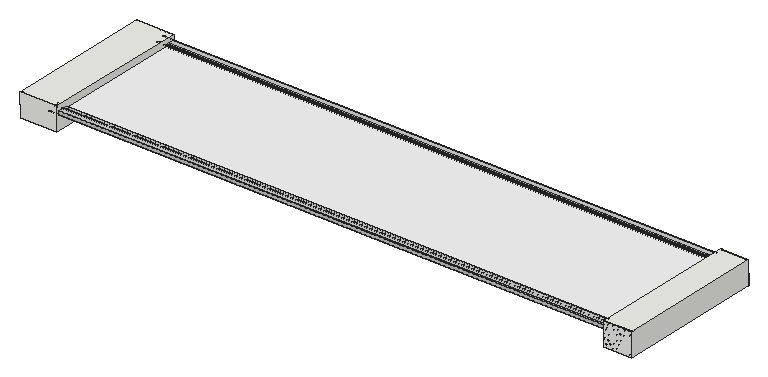
Revit family "DSI-HHS10B_2HR_Horizontal-Fire-Curtain_Under_Ceiling_Door-Systems", category Specialty Equipment, Revit 2026
Family settings
  Round Connector Dimension = Use Diameter
  Part Type = Normal
  Classification Number = 23.30.60.17
  Work Plane-Based = No
  Enable Cutting in Views = No
  Always vertical = Yes
  Cut with Voids When Loaded = No
  Maintain Annotation Orientation = No
  Shared = No
  Room Calculation Point = No
Parameters
  Type Comments = ""
  Specifications = "https://www.arcat.com/company/door-systems-50183/spec"
  Specification = ""
  Product Page URL = ""
  Product Information = "https://www.arcat.com/arcatcos/cos50/arc50183.html"
  Primed Steel = "Primed Steel"
  Keynote = "08 33 44"
  Description = ""
  Default Elevation = 0' - 0"
  Cost = 0
  Copyright = "Arcat, Inc."
  Curtain Width [instance] = 5' - 3"
  URL = "https://www.doorsysinc.com"
  Width (TBW) Tail end Box [instance] = 1' - 1 3/4"
  Schematic Floor = no
  Power Supply = "120v"
  Open Fire Curtain = yes
  Motor = "INTERNAL, ELECTRIC, TUBULER GEARED CONSTANT SPEED MOTOR"
  Model = "DSI-HHS10B 2HR HorizontalnCurtain Under Ceiling"
  Manufacturer = "Door Systems"
  Height (TBH) Tail end Box [instance] = 0' - 11 3/4"
  Width (HBW) Head Box [instance] = 1' - 6 1/2"
  Height (HBH) Head Box [instance] = 0' - 11 3/4"
  Guide Rail = "2 mm THK PRIMED STEEL GUIDE RAIL"
  End Plate = "3mmTHK PRIMED STEEL END PLATES AND BRACKETS"
  Curtain Fabric = "HS690-SS FABRIC- UL 10B"
  Curtain Box = "1.2mmTHK PRIMED STEEL"
  Curtain = Curtain
  Curtain Length [instance] = 23' - 0"
  CAD Details = ""
  Bottom Bar = "2mm THK  PRIMED STEEL  BOTTOM BAR"
  Assembly Code = ""
Reference planes (in)
  plane 1 "Center (Front/Back)": y = 0
  plane 2: z = 0
  plane 3 "Center (Left/Right)": x = 0
  plane 4: y = 48
  plane 5: y = -25.62376
  plane 6: x = -48
  plane 7: x = 260.25
  plane 8: x = -29.5
  plane 9: x = 246.5
  plane 10: y = 43.47244
  plane 11: y = -21.0962
  plane 12: z = 0
  plane 13: z = 11.75
  plane 14: z = 8.30906
  plane 15: x = -34.22047
  plane 16: x = 252.40133
  plane 17: z = 10.90207
  plane 18: y = 47.2126
  plane 19: y = -24.84251
  plane 20: y = -25.57689
  plane 21: y = 47.95312
  plane 22: z = 9.7997
  plane 23: z = 9.75283
  plane 24: x = -32.25591
  plane 25: x = 249.25591
  plane 26: z = 0
  plane 27: y = -20.31495
  plane 28: y = 42.68505
  plane 29: z = 8.75
  plane 30: z = 8.70312
Forms (in)
  Extrusion 1, solid, material "Metal, Paint Finish, White, Matte"
    sketch origin (0, 0, 0) x (1, 0, 0) y (0, 0, 1)
      loop
        line (-29.5, 11.75) -> (-48, 11.75) -> (-48, 0) -> (-29.5, 0) -> (-29.5, 11.75)
    from -47.95312 to 25.57689
  Extrusion 2, solid, material "Metal, Paint Finish, White, Matte"
    sketch origin (0, 0, 0) x (1, 0, 0) y (0, 0, 1)
      loop
        line (246.5, 0) -> (260.25, 0) -> (260.25, 11.75) -> (246.5, 11.75) -> (246.5, 0)
    from -47.95312 to 25.62376
  Extrusion 3, solid, material "Metal, Paint Finish, White, Matte"
    sketch origin (0, -119.95313, 0) x (1, 0, 0) y (0, 0, 1)
      loop
        line (-48, 11.65551) -> (-48, 0) -> (-29.5, 0) -> (-29.5, 11.75) -> (-47.90551, 11.75)
        arc (-47.90551, 11.75) -> (-47.97233, 11.72233) -> (-48, 11.65551) r 0.09449
    from -94.37624 to -94.32936
  Extrusion 4, solid, material "Metal, Paint Finish, White, Matte"
    sketch origin (0, -36, 0) x (1, 0, 0) y (0, 0, 1)
      loop
        line (-48, 11.65551) -> (-48, 0) -> (-29.5, 0) -> (-29.5, 11.75) -> (-47.90551, 11.75)
        arc (-47.90551, 11.75) -> (-47.97233, 11.72233) -> (-48, 11.65551) r 0.09449
    from -84 to -83.95312
  Extrusion 5, solid, material "Metal, Paint Finish, White, Matte"
    sketch origin (0, -35.95313, 0) x (1, 0, 0) y (0, 0, 1)
      loop
        line (246.49582, 0) -> (260.24582, 0) -> (260.24582, 11.65551)
        arc (260.24582, 11.65551) -> (260.21814, 11.72233) -> (260.15133, 11.75) r 0.09449
        line (260.15133, 11.75) -> (246.49582, 11.75) -> (246.49582, 0)
    from -10.37624 to -10.32936
  Extrusion 6, solid, material "Metal, Paint Finish, White, Matte"
    sketch origin (0, 48, 0) x (1, 0, 0) y (0, 0, 1)
      loop
        line (246.49582, 0) -> (260.24582, 0) -> (260.24582, 11.65551)
        arc (260.24582, 11.65551) -> (260.21814, 11.72233) -> (260.15133, 11.75) r 0.09449
        line (260.15133, 11.75) -> (246.49582, 11.75) -> (246.49582, 0)
    from 0 to 0.04688
  Extrusion 7, solid, material "Galvanized Steel"
    sketch origin (0, 1.56963, 0) x (0, 1, 0) y (0, 0, 1)
      loop
        line (-21.88458, 8.86811) -> (-21.88458, 9.41929)
        arc (-21.88458, 9.41929) -> (-21.91918, 9.50281) -> (-22.00269, 9.5374) r 0.11811
        line (-22.00269, 9.5374) -> (-26.29403, 9.5374)
        arc (-26.29403, 9.5374) -> (-26.37755, 9.50281) -> (-26.41214, 9.41929) r 0.11811
        line (-26.41214, 9.41929) -> (-26.41214, 7.68701)
        arc (-26.41214, 7.68701) -> (-26.37755, 7.60349) -> (-26.29403, 7.5689) r 0.11811
        line (-26.29403, 7.5689) -> (-22.00269, 7.5689)
        arc (-22.00269, 7.5689) -> (-21.91918, 7.60349) -> (-21.88458, 7.68701) r 0.11811
        line (-21.88458, 7.68701) -> (-21.88458, 8.23819)
        arc (-21.88458, 8.23819) -> (-21.91918, 8.32171) -> (-22.00269, 8.3563) r 0.11811
        line (-22.00269, 8.3563) -> (-23.14443, 8.3563)
        arc (-23.14443, 8.3563) -> (-23.22794, 8.32171) -> (-23.26254, 8.23819) r 0.11811
        line (-23.26254, 8.23819) -> (-23.26254, 7.68701) -> (-23.1838, 7.68701) -> (-23.1838, 8.23819)
        arc (-23.1838, 8.23819) -> (-23.17227, 8.26603) -> (-23.14443, 8.27756) r 0.03937
        line (-23.14443, 8.27756) -> (-22.00269, 8.27756)
        arc (-22.00269, 8.27756) -> (-21.97486, 8.26603) -> (-21.96332, 8.23819) r 0.03937
        line (-21.96332, 8.23819) -> (-21.96332, 7.68701)
        arc (-21.96332, 7.68701) -> (-21.97486, 7.65917) -> (-22.00269, 7.64764) r 0.03937
        line (-22.00269, 7.64764) -> (-26.29403, 7.64764)
        arc (-26.29403, 7.64764) -> (-26.32187, 7.65917) -> (-26.3334, 7.68701) r 0.03937
        line (-26.3334, 7.68701) -> (-26.3334, 9.41929)
        arc (-26.3334, 9.41929) -> (-26.32187, 9.44713) -> (-26.29403, 9.45866) r 0.03937
        line (-26.29403, 9.45866) -> (-22.00269, 9.45866)
        arc (-22.00269, 9.45866) -> (-21.97486, 9.44713) -> (-21.96332, 9.41929) r 0.03937
        line (-21.96332, 9.41929) -> (-21.96332, 8.86811)
        arc (-21.96332, 8.86811) -> (-21.97486, 8.84027) -> (-22.00269, 8.82874) r 0.03937
        line (-22.00269, 8.82874) -> (-23.14443, 8.82874)
        arc (-23.14443, 8.82874) -> (-23.17227, 8.84027) -> (-23.1838, 8.86811) r 0.03937
        line (-23.1838, 8.86811) -> (-23.1838, 9.43307) -> (-23.26254, 9.43307) -> (-23.26254, 8.86811)
        arc (-23.26254, 8.86811) -> (-23.22794, 8.78459) -> (-23.14443, 8.75) r 0.11811
        line (-23.14443, 8.75) -> (-22.00269, 8.75)
        arc (-22.00269, 8.75) -> (-21.91918, 8.78459) -> (-21.88458, 8.86811) r 0.11811
    from -34.22047 to 252.40133
  Extrusion 8, solid, material "Galvanized Steel"
    sketch origin (0, 0, -1.0631) x (0, 1, 0) y (0, 0, 1)
      loop
        line (44.063, 10.79774) -> (43.98426, 10.79774) -> (43.98426, 10.23278)
        arc (43.98426, 10.23278) -> (43.97273, 10.20494) -> (43.94489, 10.19341) r 0.03937
        line (43.94489, 10.19341) -> (42.80316, 10.19341)
        arc (42.80316, 10.19341) -> (42.77532, 10.20494) -> (42.76379, 10.23278) r 0.03937
        line (42.76379, 10.23278) -> (42.76379, 10.78396)
        arc (42.76379, 10.78396) -> (42.77532, 10.8118) -> (42.80316, 10.82333) r 0.03937
        line (42.80316, 10.82333) -> (47.09449, 10.82333)
        arc (47.09449, 10.82333) -> (47.12233, 10.8118) -> (47.13386, 10.78396) r 0.03937
        line (47.13386, 10.78396) -> (47.13386, 9.05167)
        arc (47.13386, 9.05167) -> (47.12233, 9.02383) -> (47.09449, 9.0123) r 0.03937
        line (47.09449, 9.0123) -> (42.80316, 9.0123)
        arc (42.80316, 9.0123) -> (42.77532, 9.02383) -> (42.76379, 9.05167) r 0.03937
        line (42.76379, 9.05167) -> (42.76379, 9.60285)
        arc (42.76379, 9.60285) -> (42.77532, 9.63069) -> (42.80316, 9.64222) r 0.03937
        line (42.80316, 9.64222) -> (43.94489, 9.64222)
        arc (43.94489, 9.64222) -> (43.97273, 9.63069) -> (43.98426, 9.60285) r 0.03937
        line (43.98426, 9.60285) -> (43.98426, 9.05167) -> (44.063, 9.05167) -> (44.063, 9.60285)
        arc (44.063, 9.60285) -> (44.0284, 9.68637) -> (43.94489, 9.72096) r 0.11811
        line (43.94489, 9.72096) -> (42.80316, 9.72096)
        arc (42.80316, 9.72096) -> (42.71964, 9.68637) -> (42.68505, 9.60285) r 0.11811
        line (42.68505, 9.60285) -> (42.68505, 9.05167)
        arc (42.68505, 9.05167) -> (42.71964, 8.96816) -> (42.80316, 8.93356) r 0.11811
        line (42.80316, 8.93356) -> (47.09449, 8.93356)
        arc (47.09449, 8.93356) -> (47.17801, 8.96816) -> (47.2126, 9.05167) r 0.11811
        line (47.2126, 9.05167) -> (47.2126, 10.78396)
        arc (47.2126, 10.78396) -> (47.17801, 10.86747) -> (47.09449, 10.90207) r 0.11811
        line (47.09449, 10.90207) -> (42.80316, 10.90207)
        arc (42.80316, 10.90207) -> (42.71964, 10.86747) -> (42.68505, 10.78396) r 0.11811
        line (42.68505, 10.78396) -> (42.68505, 10.23278)
        arc (42.68505, 10.23278) -> (42.71964, 10.14926) -> (42.80316, 10.11467) r 0.11811
        line (42.80316, 10.11467) -> (43.94489, 10.11467)
        arc (43.94489, 10.11467) -> (44.0284, 10.14926) -> (44.063, 10.23278) r 0.11811
        line (44.063, 10.23278) -> (44.063, 10.79774)
    from -34.22047 to 252.40133
  Extrusion 9, solid, material "Schematic Floor", visible <- "Schematic Floor"
    sketch origin (0, 0, 2.04687) x (1, 0, 0) y (0, 1, 0)
      loop
        line (-48, -25.57689) -> (260.25, -25.57689) -> (260.25, 48) -> (-48, 48) -> (-48, -25.57689)
      loop
        line (284.24582, 72) -> (-72, 72) -> (-72, -49.57689) -> (284.24582, -49.57689) -> (284.24582, 72)
    from 0 to 9.76563
  Extrusion 10, solid, material "Schematic Floor", visible <- "Schematic Floor"
    sketch origin (0, 0, 11.8125) x (1, 0, 0) y (0, 1, 0)
      loop
        line (-32.25591, -25.57689) -> (249.25591, -25.57689) -> (249.25591, 48) -> (-32.25591, 48) -> (-32.25591, -25.57689)
      loop
        line (284.24582, 72) -> (-72, 72) -> (-72, -49.57689) -> (284.24582, -49.57689) -> (284.24582, 72)
    from 0 to 5.90551
  Extrusion 11, solid, material "Curtain", visible <- "Open Fire Curtain"
    sketch origin (0, 0, 8.81533) x (1, 0, 0) y (0, 1, 0)
      loop
        line (-34.22047, -21.0962) -> (252.40133, -21.0962) -> (252.40133, 43.47244) -> (-34.22047, 43.47244) -> (-34.22047, -21.0962)
    from -0.06533 to -0.1122
Cuts and joins
  joined: Extrusion 9, Extrusion 10
Lines and regions (in)
  symbolic lines
    curve 1: circle (-44.4481, 0, 6.24083) r 1.91535 normal (0, -1, 0)
    curve 2: circle (-44.4481, 0, 6.24083) r 1.50591 normal (0, -1, 0)
    curve 3: circle (-44.4481, 0, 6.24083) r 1.37795 normal (0, -1, 0)
    curve 4: line (-44.45337, 0, 8.57018) -> (-44.44283, 0, 3.91148)
    curve 5: line (-46.77745, 0, 6.23556) -> (-42.11875, 0, 6.2461)
    curve 6: line (-42.11875, 0, 6.2461) -> (-33.09316, 0, 6.2665)
    curve 7: line (-37.56899, 0, 10.72215) -> (-37.5488, 0, 1.79067)
    curve 8: arc (-37.5634, 0, 8.2505) -> (-38.97212, 0, 7.66325) -> (-39.55298, 0, 6.2519) r 1.99409
    curve 9: circle (-37.55889, 0, 6.25641) r 3.54331 normal (0, -1, 0)
    curve 10: line (-44.32021, 0, 8.15191) -> (-37.46315, 0, 7.69302)
    curve 11: line (-37.55564, 0, 4.81661) -> (-44.3106, 0, 4.33042)
    curve 12: circle (-37.55889, 0, 6.25641) r 1.43976 normal (0, -1, 0)
    curve 13: circle (-37.55889, 0, 6.25641) r 1.85236 normal (0, -1, 0)
    curve 14: circle (-37.55889, 0, 6.25641) r 1.99409 normal (0, -1, 0)
    curve 15: line (-34.11021, 0, 9.7997) -> (-37.56691, 0, 9.7997)
    curve 31: circle (251.07062, 0, 4.85876) r 1.43976 normal (0, -1, 0)
    curve 32: line (255.80408, 0, 6.76489) -> (250.93148, 0, 6.29178)
    curve 33: line (251.07062, 0, 6.65057) -> (251.07062, 0, 3.06695)
    curve 34: line (249.27881, 0, 4.85876) -> (252.86243, 0, 4.85876)
    curve 35: circle (251.07292, 0, 4.85876) r 0.83465 normal (0, -1, 0)
    curve 36: circle (251.07292, 0, 4.85876) r 0.71654 normal (0, -1, 0)
    curve 37: line (253.51091, 0, 4.85876) -> (258.47285, 0, 4.85876)
    curve 38: circle (255.99188, 0, 4.85876) r 1.91535 normal (0, -1, 0)
    curve 39: circle (255.99188, 0, 4.85876) r 1.50591 normal (0, -1, 0)
    curve 40: circle (255.99188, 0, 4.85876) r 1.37795 normal (0, -1, 0)
    curve 41: line (251.08935, 0, 3.41912) -> (255.80329, 0, 2.95271)
    curve 42: line (255.99188, 0, 7.33973) -> (255.99188, 0, 2.37779)
  symbolic lines, not visible
    curve 16: circle (-44.45615, 0, 6.29921) r 1.91535 normal (0, -1, 0)
    curve 17: circle (-44.45615, 0, 6.29921) r 1.50591 normal (0, -1, 0)
    curve 18: circle (-44.45615, 0, 6.29921) r 1.37795 normal (0, -1, 0)
    curve 19: line (-44.45615, 0, 8.62857) -> (-44.45615, 0, 3.96985)
    curve 20: line (-46.78551, 0, 6.29921) -> (-42.12679, 0, 6.29921)
    curve 21: line (-42.12679, 0, 6.29921) -> (-33.10118, 0, 6.29921)
    curve 22: line (-37.56693, 0, 10.76496) -> (-37.56693, 0, 1.83346)
    curve 23: arc (-37.56693, 0, 8.29331) -> (-38.97697, 0, 7.70925) -> (-39.56102, 0, 6.29921) r 1.99409
    curve 24: circle (-37.56693, 0, 6.29921) r 3.54331 normal (0, -1, 0)
    curve 25: line (-44.32394, 0, 8.21) -> (-37.46794, 0, 7.73561)
    curve 26: line (-37.56693, 0, 4.85941) -> (-44.32297, 0, 4.38849)
    curve 27: circle (-37.56693, 0, 6.29921) r 1.43976 normal (0, -1, 0)
    curve 28: circle (-37.56693, 0, 6.29921) r 1.85236 normal (0, -1, 0)
    curve 29: circle (-37.56693, 0, 6.29921) r 1.99409 normal (0, -1, 0)
    curve 30: line (-34.11024, 0, 9.8347) -> (-37.56693, 0, 9.84252)
    curve 43: circle (126.25984, 0, 4.92126) r 1.43976 normal (0, -1, 0)
    curve 44: line (130.9933, 0, 6.82739) -> (126.1207, 0, 6.35428)
    curve 45: line (126.25984, 0, 6.71307) -> (126.25984, 0, 3.12945)
    curve 46: line (124.46803, 0, 4.92126) -> (128.05166, 0, 4.92126)
    curve 47: circle (126.26214, 0, 4.92126) r 0.83465 normal (0, -1, 0)
    curve 48: circle (126.26214, 0, 4.92126) r 0.71654 normal (0, -1, 0)
    curve 49: line (128.70013, 0, 4.92126) -> (133.66207, 0, 4.92126)
    curve 50: circle (131.1811, 0, 4.92126) r 1.91535 normal (0, -1, 0)
    curve 51: circle (131.1811, 0, 4.92126) r 1.50591 normal (0, -1, 0)
    curve 52: circle (131.1811, 0, 4.92126) r 1.37795 normal (0, -1, 0)
    curve 53: line (126.27857, 0, 3.48162) -> (130.99251, 0, 3.01521)
    curve 54: line (131.1811, 0, 7.40223) -> (131.1811, 0, 2.44029)
Dimensions and locks (in)
  "Width (HBW) Head Box": plane 6 to plane 8
  "Width (TBW) Tail end Box": plane 9 to plane 7
  plane 6 to plane 7 = 25' - 8 1/4"
  "Curtain Length": plane 8 to plane 9
  plane 4 to plane 5 = 6' - 1.62376"
  locked: plane 11 to plane 5 at 4.52756
  locked: plane 4 to plane 10 at 4.52756
  "Height (HBH) Head Box": plane 13 to plane 12
  locked: plane 13 to plane 14 at 3.44094
  locked: plane 9 to plane 16 at 5.90133
  locked: plane 13 to plane 17 at 0.84793
  locked: plane 4 to plane 18 at 0.7874
  locked: plane 19 to plane 5 at 0.78125
  locked: plane 20 to plane 5 at 0.04687
  locked: plane 4 to plane 21 at 0.04688
  plane 13 to plane 22 to plane 23 = 0' - 1.9503" locked, 0' - 0 3/64" locked
  locked: plane 14 to curve 37 at 3.4503
  locked: curve 33 to plane 16 at 1.33071
  locked: plane 24 to plane 8 at 2.75591
  locked: plane 9 to plane 25 at 2.75591
  "Height (TBH) Tail end Box": plane 13 to plane 26
  locked: plane 4 to plane 28 at 5.31495
  "Curtain Width": plane 28 to plane 27
  locked: plane 27 to plane 5 at 5.30881
  locked: plane 29 to plane 30 at 0.04688
  locked: plane 13 to plane 29 at 3
  plane 29 to plane 30 = 0' - 0 3/64"
  aligned and locked: plane 2 to level
  aligned and locked: plane 13 to Extrusion 1 sketch curve
  aligned and locked: Extrusion 1 sketch curve to plane 12
  aligned and locked: plane 6 to Extrusion 1
  aligned and locked: Extrusion 1 to plane 8
  aligned and locked: Extrusion 3 to plane 5
  aligned and locked: Extrusion 3 to plane 20
  aligned and locked: plane 20 to Extrusion 1
  aligned and locked: Extrusion 4 to plane 21
  aligned and locked: plane 4 to Extrusion 4
  aligned and locked: plane 21 to Extrusion 1
  aligned and locked: plane 5 to Extrusion 5
  aligned and locked: Extrusion 5 to plane 20
  aligned and locked: Extrusion 6 to plane 4
  aligned and locked: plane 21 to Extrusion 6
  aligned and locked: plane 19 to Extrusion 7
  aligned and locked: plane 22 to curve 15
  aligned and locked: Extrusion 8 to plane 16
  aligned and locked: Extrusion 7 to plane 16
  aligned and locked: Extrusion 9 to plane 6
  aligned and locked: plane 7 to Extrusion 9
  aligned and locked: Extrusion 9 to plane 20
  aligned and locked: Extrusion 9 to plane 4
  aligned and locked: Extrusion 10 to plane 24
  aligned and locked: plane 25 to Extrusion 10
  aligned and locked: Extrusion 1 sketch curve to plane 8
  aligned and locked: plane 6 to Extrusion 1 sketch curve
  aligned and locked: plane 9 to Extrusion 2 sketch curve
  aligned and locked: Extrusion 2 sketch curve to plane 7
  aligned and locked: Extrusion 2 sketch curve to plane 13
  aligned and locked: plane 26 to Extrusion 5 sketch curve
  aligned and locked: plane 26 to Extrusion 2 sketch curve
  aligned and locked: plane 26 to Extrusion 6 sketch curve
  aligned and locked: plane 5 to Extrusion 2
  aligned and locked: plane 27 to Extrusion 7
  aligned and locked: plane 28 to Extrusion 8
  aligned and locked: plane 29 to Extrusion 7
  aligned and locked: plane 29 to Extrusion 11
  aligned and locked: Extrusion 11 to plane 30
Automatic sketch dimensions
  plane 6 to Extrusion 3 sketch curve = 0' - 0"
  Extrusion 3 sketch curve to plane 13 = 0' - 0"
  plane 8 to Extrusion 3 sketch curve = 0' - 0"
  Extrusion 3 sketch curve to level = 0' - 0"
  Extrusion 3 sketch curve to plane 6 = 0' - 0.09449"
  plane 6 to Extrusion 4 sketch curve = 0' - 0"
  Extrusion 4 sketch curve to plane 13 = 0' - 0"
  plane 8 to Extrusion 4 sketch curve = 0' - 0"
  Extrusion 4 sketch curve to level = 0' - 0"
  Extrusion 4 sketch curve to plane 6 = 0' - 0.09449"
  Extrusion 5 sketch curve to plane 13 = 0' - 0"
  plane 9 to Extrusion 5 sketch curve = 0' - 0.00418"
  plane 7 to Extrusion 5 sketch curve = 0' - 0.09867"
  plane 7 to Extrusion 5 sketch curve = 0' - 0.00418"
  Extrusion 6 sketch curve to plane 13 = 0' - 0"
  plane 9 to Extrusion 6 sketch curve = 0' - 0.00418"
  plane 7 to Extrusion 6 sketch curve = 0' - 0.09867"
  plane 7 to Extrusion 6 sketch curve = 0' - 0.00418"
  Extrusion 7 sketch curve to Extrusion 7 sketch curve = 0' - 0"  (x16)
  Extrusion 7 sketch curve to plane 19 = 0' - 0"
  Extrusion 7 sketch curve to plane 29 = 0' - 0"
  Extrusion 7 sketch curve to plane 27 = 0' - 0"  (x2)
  Extrusion 7 sketch curve to Extrusion 7 sketch curve = 0' - 0.07874"
  Extrusion 7 sketch curve to Extrusion 7 sketch curve = 0' - 0.03937"  (x8)
  Extrusion 7 sketch curve to plane 11 = 0' - 0.5967"  (x2)
  plane 14 to Extrusion 7 sketch curve = 0' - 0.04724"
  Extrusion 7 sketch curve to Extrusion 7 sketch curve = 0' - 0.55118"  (x2)
  Extrusion 7 sketch curve to plane 23 = 0' - 0.33354"
  Extrusion 7 sketch curve to plane 23 = 0' - 0.31976"
  Extrusion 8 sketch curve to Extrusion 8 sketch curve = 0' - 0"  (x17)
  Extrusion 8 sketch curve to plane 28 = 0' - 0"  (x2)
  Extrusion 8 sketch curve to plane 18 = 0' - 0"
  Extrusion 8 sketch curve to Extrusion 8 sketch curve = 0' - 0.07874"
  plane 23 to Extrusion 8 sketch curve = 0' - 0.0074"
  Extrusion 8 sketch curve to Extrusion 8 sketch curve = 0' - 0.03937"  (x4)
  plane 28 to Extrusion 8 sketch curve = 0' - 0.11811"
  plane 10 to Extrusion 8 sketch curve = 0' - 0.47245"
  Extrusion 8 sketch curve to plane 30 = 0' - 0.124"
  plane 10 to Extrusion 8 sketch curve = 0' - 0.51182"  (x2)
  Extrusion 8 sketch curve to plane 23 = 0' - 0.01819"
  Extrusion 8 sketch curve to plane 23 = 0' - 0.03197"
  Extrusion 8 sketch curve to plane 14 = 0' - 0.32048"  (x2)
  plane 29 to Extrusion 8 sketch curve = 0' - 0.30157"
  Extrusion 9 sketch curve to plane 6 = 0' - 0"
  Extrusion 9 sketch curve to plane 7 = 0' - 0"
  plane 20 to Extrusion 9 sketch curve = 0' - 0"
  Extrusion 9 sketch curve to plane 4 = 0' - 0"
  plane 6 to Extrusion 9 sketch curve = 2' - 0"
  Extrusion 9 sketch curve to plane 7 = 1' - 11.99582"
  Extrusion 9 sketch curve to plane 5 = 1' - 11 61/64"
  plane 4 to Extrusion 9 sketch curve = 2' - 0"
  plane 20 to Extrusion 10 sketch curve = 0' - 0"
  Extrusion 10 sketch curve to plane 24 = 0' - 0"
  Extrusion 10 sketch curve to plane 25 = 0' - 0"
  Extrusion 10 sketch curve to plane 4 = 0' - 0"
  plane 6 to Extrusion 10 sketch curve = 2' - 0"
  Extrusion 10 sketch curve to plane 7 = 1' - 11.99582"
  Extrusion 10 sketch curve to plane 5 = 1' - 11 61/64"
  plane 4 to Extrusion 10 sketch curve = 2' - 0"
  Extrusion 11 sketch curve to plane 10 = 0' - 0"
  Extrusion 11 sketch curve to plane 15 = 0' - 0"
  Extrusion 11 sketch curve to plane 16 = 0' - 0"
  Extrusion 11 sketch curve to plane 11 = 0' - 0"
